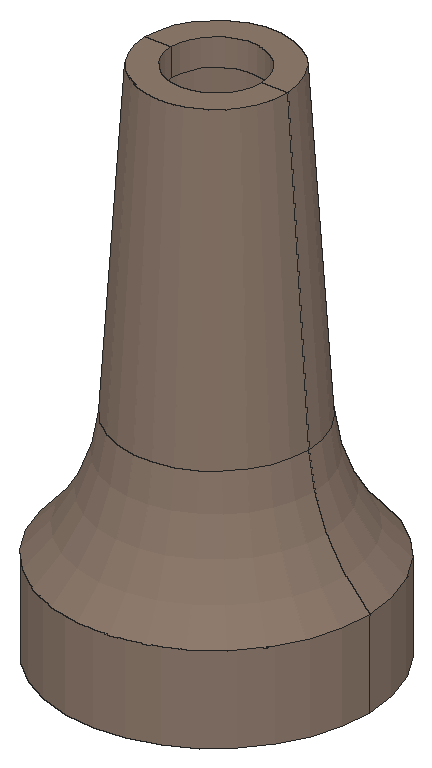
Revit family "CCS6502", category Generic Models, Revit 2014
Parameters
  SHELL = Bronze, Architectural
Reference planes (in)
  plane 1 "Center (Front/Back)": y = 0
  plane 2: z = 0
  plane 3 "Center (Left/Right)": x = 0
Forms (in)
  Revolve 1, solid, material "Bronze, Architectural" <- "SHELL"
    sketch origin (0, 0, 0) x (1, 0, 0) y (0, 0, 1)
      loop
        line (-2.95787, 22.75) -> (-2.0625, 22.75) -> (-2.0625, 24) -> (-3.25, 24) -> (-4.20329, 9.76424)
        arc (-4.20329, 9.76424) -> (-5.05739, 6.61806) -> (-7, 4) r 8.78449
        line (-7, 4) -> (-7, 0) -> (-6.625, 0) -> (-6.625, 3.83793)
        arc (-6.625, 3.83793) -> (-4.68422, 6.52897) -> (-3.82942, 9.73485) r 9.1596
        line (-3.82942, 9.73485) -> (-2.95787, 22.75)
      axis (0, 24) -> (0, 0)
    angle from 0 to 360
Dimensions and locks (in)
  aligned and locked: plane 2 to level
